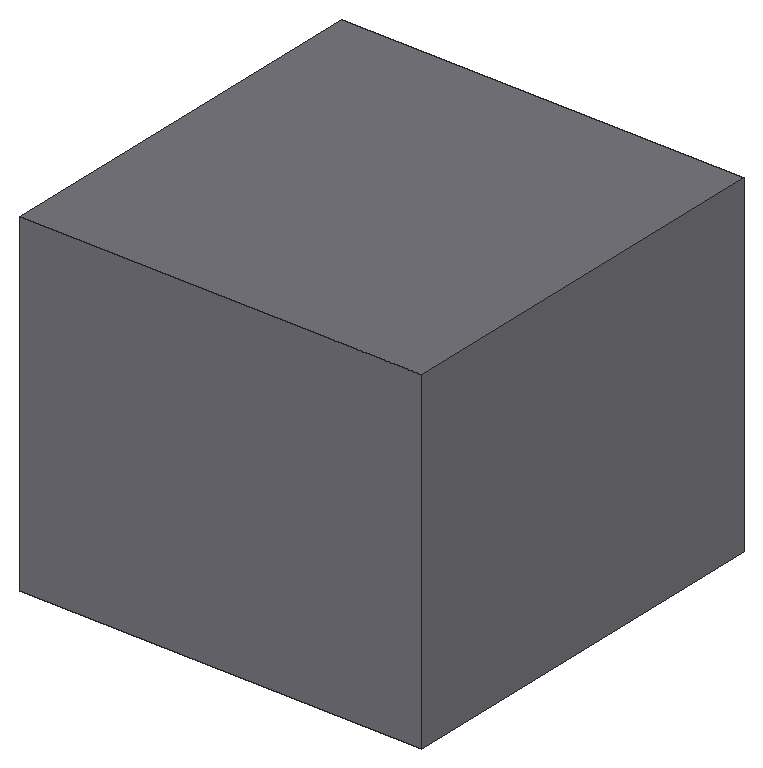
Revit family "BUS_Tee Junction Unit", category Electrical Equipment, Revit 2025
Family settings
  Panel Configuration = Two Columns, Circuits Across
  Round Connector Dimension = Use Diameter
  Part Type = Panelboard
  OmniClass Number = 23.80.30.11.17
  OmniClass Title = Distribution Boards and Control Panels
  Work Plane-Based = No
  Always vertical = Yes
  Cut with Voids When Loaded = No
  Maintain Annotation Orientation = No
  Shared = No
  Room Calculation Point = No
Parameters (values of type "1600A / 800A + 400A")
  Width = 600 mm
  built-in parameter 1140142 [instance] = -1
  Rated Current = "1600 A in / 800 A + 400 A out"
  built-in parameter 1140140 [instance] = 1 (stored number, unit not read)
  Height = 500 mm
  built-in parameter 1155100 [instance] = -1
  Depth = 600 mm
  Default Elevation = 0 mm
Reference planes
  plane 1 "Center (Front/Back)": y = 0
  plane 2: z = 0
  plane 3 "Center (Left/Right)": x = 0
  plane 4 "Left": x = -300
  plane 5 "Right": x = 300
  plane 6 "Front": y = -300
  plane 7 "Back": y = 300
  plane 8 "Bottom": z = -250
  plane 9 "Top": z = 250
Forms (mm)
  Extrusion 1, solid, material "Busduct Junction"
    sketch origin (0, 0, -250) x (1, 0, 0) y (0, 1, 0)
      loop
        line (-300, -300) -> (300, -300) -> (300, 300) -> (-300, 300) -> (-300, -300)
    from 0 to 500
Dimensions and locks
  equal spacing: plane 4 "Left", plane 3 "Center (Left/Right)", plane 5 "Right"
  "Width": plane 4 "Left" to plane 5 "Right"
  equal spacing: plane 6 "Front", plane 1 "Center (Front/Back)", plane 7 "Back"
  "Depth": plane 6 "Front" to plane 7 "Back"
  equal spacing: plane 8 "Bottom", level, plane 9 "Top"
  "Height": plane 8 "Bottom" to plane 9 "Top"
  aligned and locked: level to plane 2
  aligned and locked: Extrusion 1 to plane 9 "Top"
  aligned and locked: plane 8 "Bottom" to Extrusion 1
  aligned and locked: Extrusion 1 to plane 5 "Right"
  aligned and locked: plane 7 "Back" to Extrusion 1
  aligned and locked: plane 4 "Left" to Extrusion 1
  aligned and locked: Extrusion 1 to plane 6 "Front"
Automatic sketch dimensions
  Extrusion 1 sketch curve to plane 4 "Left" = 0 mm
  Extrusion 1 sketch curve to plane 5 "Right" = 0 mm
  Extrusion 1 sketch curve to plane 6 "Front" = 0 mm
  Extrusion 1 sketch curve to plane 7 "Back" = 0 mm
